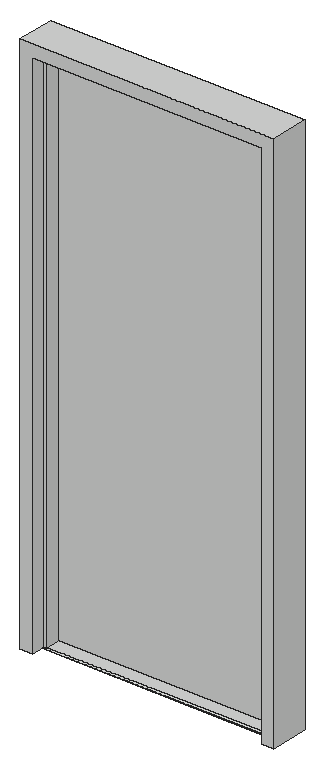
Revit family "FloodResistantDoor_AMBICO_Single", category Doors, host Wall, Revit 2026
Family settings
  Host = Wall
  Classification Number = 23.30.10.11.11
  Always vertical = Yes
  Cut with Voids When Loaded = No
  Shared = No
  Room Calculation Point = No
Parameters (values of type "3' x 7'")
  z_Door Side Gap = 0' - 0 1/8"
  ZWidth = if(Width > Maximum Width, Maximum Width, if(Width < Minimum Width, Minimum Width, Width))  # 3' - 0"
  ZHeight = if(Height > Maximum Height, Maximum Height, if(Height < Minimum Height, Minimum Height, Height))  # 7' - 0"
  Warranty = "Five (5) years from date of supply, covering material and workmanship."  # constant formula
  Version = 2  # constant formula
  URL = "https://www.ambico.com/"
  Thickness = 0' - 1 3/4"  # constant formula
  Rough Width = Width + (Frame Width * 2)  # 3' - 4"
  Rough Height = Height + Frame Width  # 7' - 2"
  Product data url = ""
  Product Page URL = "https://www.ambico.com/acoustic-steel-doors-and-frames/"
  Product Material = AMBICO - Steel -  Galvanized - ASTM A653/A653M,ZF75(A25)
  Panel Material = AMBICO - Steel -  Galvanized - ASTM A653/A653M,ZF75(A25)
  Operation = "Swing"  # constant formula
  Model = "AMBICO - Flood Resistant Single"  # constant formula
  Minimum Width = 2' - 6"  # constant formula
  Minimum Height = 5' - 0"  # constant formula
  Maximum Width = 4' - 8"  # constant formula
  Maximum Height = 8' - 0"  # constant formula
  Manufacturer = "AMBICO"  # constant formula
  Function = Interior
  Height = 7' - 0"
  Wall Closure = By host
  Width = 3' - 0"
  Frame Width = 0' - 2"  # constant formula
  FireRating [instance] = ""
  Fire Rating = "45, 90, 180"
  Description = "AMBICO - Flood Resistant Single"  # constant formula
  Define Thermal Properties by = Schematic Type
  Date Updated = "2026/01/06"  # constant formula
  Date Created = "2023/08/02"  # constant formula
  BulletRating [instance] = ""
  Analytic Construction = "<None>"
  AcousticRating [instance] = 0
Reference planes (in)
  plane 1 "Center (Front/Back)": y = 0
  plane 2 "Center (Left/Right)": x = 0
  plane 3 "Left": x = -20
  plane 4 "Right": x = 20
  plane 5 "Top": z = 86.01953
  plane 6 "Exterior": y = 3
  plane 7 "Interior": y = -3
  plane 8: z = 84.01953
  plane 9: y = 2.5
  plane 10: y = -2.5
  plane 11: y = 1.0625
  plane 12: y = -1.0625
  plane 13: z = 83.39453
  plane 14: z = 85.96094
  plane 15: y = 2.94141
  plane 16: z = 84.07813
  plane 17: y = 1.00391
  plane 18: z = 83.45313
  plane 19: y = -1.00391
  plane 20: y = -2.94141
  plane 21: x = 18
  plane 22: x = -18
  plane 23: z = 84
  plane 24: y = 1.25
  plane 25: y = 39
  plane 26: x = -16.125
  plane 27: y = 39.125
  plane 28: z = 0.24937
  plane 29: y = 3.125
  plane 30: x = -17.875
  plane 31: x = 17.875
Forms (in)
  Sweep 1, solid, material "AMBICO - Steel -  Galvanized - ASTM A653/A653M,ZF75(A25)" <- "Product Material"
    path origin (0, 0, 0) x (1, 0, 0) y (0, 0, 1)
      loop
        line (-20, 0) -> (-20, 86.01953) -> (20, 86.01953) -> (20, 0)
    profile origin (0, 0, 86.01953) x (0, 0, -1) y (0, -1, 0)
      loop
        line (0, -3) -> (2, -3) -> (2, -1.0625) -> (2.625, -1.0625) -> (2.625, 1.0625) -> (2, 1.0625) -> (2, 3) -> (0, 3) -> (0, -3)
  Extrusion 2, solid, material "AMBICO - Steel -  Galvanized - ASTM A653/A653M,ZF75(A25)" <- "Panel Material"
    sketch origin (0, 0, 0) x (1, 0, 0) y (0, 0, 1)
      loop
        line (-17.875, 0.24937) -> (17.875, 0.24937) -> (17.875, 84) -> (-17.875, 84) -> (-17.875, 0.24937)
    from -3 to -1.25
  Sweep 3, solid, material "AMBICO - Steel -  Galvanized - ASTM A653/A653M,ZF75(A25)" <- "Product Material"
    path origin (0, 3, 0) x (1, 0, 0) y (0, 0, 1)
      loop
        line (18, 0) -> (-18, 0)
    profile "Threshold Profiles : Family5" origin (0, 3, 0) x (0, 0, -1) y (0, -1, 0)
      loop
        line (-0.14027, 1.71883) -> (-0.07793, 1.71883) -> (-0.07793, 1.78117) -> (-0.14027, 1.78117) -> (-0.14027, 3.93203) -> (-0.1091, 4.00996) -> (-0.1091, 3.86969) -> (0, 3.86969) -> (0, 4.24375) -> (-0.12469, 4.24375) -> (-0.24937, 3.93203) -> (-0.24937, -0.43203) -> (-0.12469, -0.74375) -> (0, -0.74375) -> (0, -0.36969) -> (-0.1091, -0.36969) -> (-0.1091, -0.50996) -> (-0.14027, -0.43203) -> (-0.14027, 1.71883)
Lines and regions (in)
  Opening 1
    outline origin (-90, -3, 0) x (1, 0, 0) y (0, 0, 1)
      loop
        line (70, 0) -> (110, 0) -> (110, 86.01953) -> (70, 86.01953) -> (70, 0)
  Masking region 1
    outline origin (0, 0, 0) x (1, 0, 0) y (0, 1, 0)
      loop
        line (-20, -3) -> (-18, -3) -> (-18, -1.0625) -> (-17.375, -1.0625) -> (-17.375, 1.0625) -> (-18, 1.0625) -> (-18, 3) -> (-20, 3) -> (-20, -3)
  Masking region 2
    outline origin (0, 0, 0) x (1, 0, 0) y (0, 1, 0)
      loop
        line (20, -3) -> (20, 3) -> (18, 3) -> (18, 1.0625) -> (17.375, 1.0625) -> (17.375, -1.0625) -> (18, -1.0625) -> (18, -3) -> (20, -3)
  symbolic lines, style "Doors"
    curve 1: line (-17.875, 39.125, 0) -> (-16.125, 39.125, 0)
    curve 2: line (-16.125, 3.125, 0) -> (-16.125, 39.125, 0)
    curve 3: line (-17.875, 3.125, 0) -> (-17.875, 39.125, 0)
    curve 4: line (-17.875, 3.125, 0) -> (-16.125, 3.125, 0)
  symbolic lines
    curve 5: circle (-18, 3.125, 0) r 0.125 normal (0, 0, 1)
  symbolic lines, style "Elevation Swing"
    curve 6: arc (17.875, 3, 0) -> (7.41161, 28.32322, 0) -> (-17.875, 38.87478, 0) r 35.875
Text (in)
  text "Exterior" at (-74.96733, 27.31104, 0), in view "Ref. Level"
  text "Interior" at (-74.96733, -25.14366, 0), in view "Ref. Level"
  text "Exterior" at (0, 40.15149, 123.01588), in view "Right"
  text "Interior" at (0, -64.39139, 123.01588), in view "Right"
  text "Interior" at (0, -31.01599, 123.00693), in view "Left"
  text "Exterior" at (0, 54.57065, 123.00693), in view "Left"
Dimensions and locks (in)
  equal spacing: plane 3 "Left", plane 2 "Center (Left/Right)", plane 4 "Right"
  "ZHeight": level to plane 23
  locked: plane 6 "Exterior" to plane 9 at 0.5
  locked: plane 10 to plane 7 "Interior" at 0.5
  locked: plane 6 "Exterior" to plane 11 at 1.9375
  locked: plane 12 to plane 7 "Interior" at 1.9375
  locked: plane 8 to plane 5 "Top" at 2
  locked: plane 8 to plane 13 at 0.625
  locked: plane 6 "Exterior" to plane 15 at 0.05859
  locked: plane 20 to plane 7 "Interior" at 0.05859
  locked: plane 14 to plane 5 "Top" at 0.05859
  locked: plane 16 to plane 8 at 0.05859
  locked: plane 11 to plane 17 at 0.05859
  locked: plane 19 to plane 12 at 0.05859
  locked: plane 18 to plane 13 at 0.05859
  locked: plane 21 to plane 4 "Right" at 2
  locked: plane 3 "Left" to plane 22 at 2
  "ZWidth": plane 22 to plane 21
  locked: plane 8 to plane 23 at 0.01953
  "Thickness": plane 24 to plane 6 "Exterior"
  "Width": plane 6 "Exterior" to plane 25
  "z_Door Side Gap": plane 27 to plane 25
  locked: level to plane 28 at 0.24937
  "z_Door Side Gap": plane 6 "Exterior" to plane 29
  "z_Door Side Gap": plane 22 to plane 30
  "z_Door Side Gap": plane 31 to plane 21
  plane 30 to plane 26 = 0' - 1 3/4"
  aligned and locked: plane 3 "Left" to Opening 1 sketch curve
  aligned and locked: plane 5 "Top" to Opening 1 sketch curve  (x2)
  aligned and locked: Opening 1 sketch curve to plane 4 "Right"
  aligned and locked: Opening 1 sketch curve to level
  aligned and locked: plane 6 "Exterior" to host wall
  aligned and locked: plane 7 "Interior" to host wall
  aligned and locked: Sweep 1 sketch curve to plane 3 "Left"
  aligned and locked: Sweep 1 sketch curve to plane 4 "Right"
  aligned and locked: Sweep 1 sketch curve to plane 5 "Top"  (x2)
  aligned and locked: level to Sweep 1 sketch curve  (x2)
  aligned and locked: Sweep 1 sketch curve to plane 6 "Exterior"
  aligned and locked: Sweep 1 sketch curve to plane 7 "Interior"
  aligned and locked: Sweep 1 sketch curve to plane 8
  aligned and locked: Sweep 1 sketch curve to plane 11
  aligned and locked: Sweep 1 sketch curve to plane 13
  aligned and locked: Sweep 1 sketch curve to plane 12
  aligned and locked: Extrusion 2 sketch curve to plane 23
  aligned and locked: Extrusion 2 to plane 6 "Exterior"
  aligned and locked: plane 24 to Extrusion 2
  aligned and locked: curve 2 to plane 26
  aligned and locked: plane 28 to Extrusion 2 sketch curve
  aligned and locked: curve 4 to plane 29
  aligned and locked: curve 3 to plane 30
  aligned and locked: plane 30 to Extrusion 2
  aligned and locked: Extrusion 2 to plane 31
  aligned and locked: curve 1 to plane 27
  aligned and locked: Masking region 1 sketch curve to plane 3 "Left"
  aligned and locked: Sweep 1 to Masking region 1 sketch curve
  aligned and locked: Masking region 1 sketch curve to Sweep 1  (x2)
  aligned and locked: Masking region 1 sketch curve to plane 22
  aligned and locked: Masking region 1 sketch curve to plane 7 "Interior"
  aligned and locked: Masking region 1 sketch curve to plane 6 "Exterior"
  aligned and locked: Masking region 2 sketch curve to plane 4 "Right"
  aligned and locked: Masking region 2 sketch curve to plane 21
  aligned and locked: Masking region 2 sketch curve to Sweep 1  (x2)
  aligned and locked: Sweep 1 to Masking region 2 sketch curve
  aligned and locked: Masking region 2 sketch curve to plane 7 "Interior"
  aligned and locked: Masking region 2 sketch curve to plane 6 "Exterior"
  aligned and locked: plane 21 to Sweep 3 sketch curve
  aligned and locked: plane 22 to Sweep 3 sketch curve
Automatic sketch dimensions
  Sweep 1 sketch curve to Sweep 1 sketch curve = 0' - 0"
  Extrusion 2 sketch curve to plane 22 = 0' - 0 1/8"
  plane 21 to Extrusion 2 sketch curve = 0' - 0 1/8"
  curve 6 to host wall = 0' - 0"
  curve 6 to plane 22 = 0' - 0"
  curve 5 to plane 22 = 0' - 0"
  curve 6 to plane 31 = 0' - 0"
  curve 5 to plane 29 = 0' - 0"
  Masking region 1 sketch curve to plane 22 = 0' - 0"
  Masking region 2 sketch curve to plane 21 = 0' - 0"
  Sweep 3 sketch curve to level = 0' - 0"
